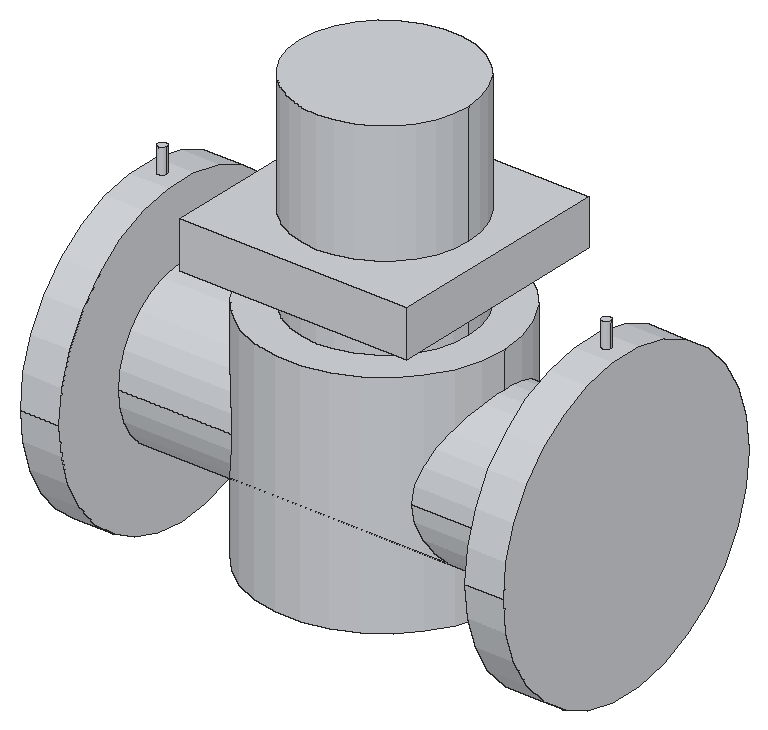
Revit family "PV_Compact_PN25_DN200_(90-350kPa)_RFA_2019", category Pipe Accessories, Revit 2019
Family settings
  Round Connector Dimension = Use Diameter
  Part Type = Valve - Breaks Into
  Work Plane-Based = No
  Always vertical = Yes
  Cut with Voids When Loaded = No
  Shared = No
Parameters (values of type "PV Compact PN25 DN200 (90-350kPa)")
  magiProductId = "91c75d4260f940c99372a7e9d4703c"
  magiProductFamilyId = "9e0837c0ac1a48c1a74a343bd519c1"
  magiPartTypeId = 304
  isMeasuringValve [instance] = no
  ang2D [instance] = 0.00°
  W2D = 125 mm
  VersionID = "2.0/2018.12.13.2/FRESE_PV_COMPACT_BIG_Q13_001"
  Use Minimum Symbol Size [instance] = no
  URL = "www.hydronix.cz"
  Type Comments = "PŘÍRUBOVÝ; PN25; dpmax=1000kPa; -10~+110°C"
  R4 = 105 mm
  R3 = 98.8 mm
  R1 = 150 mm
  QmdConnectorList = "301;D;302;D"
  Productdata [instance] = ""
  Manufacturer = "Hydronix"
  Maintenance Zone Under Depth [instance] = 100 mm
  Maintenance Zone Right Depth [instance] = 100 mm
  Maintenance Zone Over Depth [instance] = 100 mm
  Maintenance Zone Left Depth [instance] = 100 mm
  Maintenance Zone Front Depth [instance] = 100 mm
  Maintenance Zone Back Depth [instance] = 100 mm
  Maintenance Zone Front Visibility [instance] = no
  MC Use Limits From Balancing Method = no
  MC Throttling Minimum Value = 0
  MC Throttling Maximum Value = 0
  MC Product Code = "53-3339 DN200 PN25; nastavitelný rozsah dp=20~100kPa; Q=65,2~261 m3/h;  kvs=275"
  MC Pressure Drop Minimum Value = 0.0 Pa
  MC Pressure Drop Maximum Value = 0.0 Pa
  MC Piping Given Pressure Drop [instance] = 0.0 Pa
  LF__ve = -LF  # -48 mm
  LF2 = 24 mm
  LF = 48 mm
  L4 = 282 mm
  L3 = 504 mm
  L2D_Min = 30.48 mm
  L2D = 400 mm
  L2 = 300 mm
  H6 = 150 mm
  H4 = 57 mm
  H3 = 47.5 mm
  H2 = 142.5 mm
  H1 = 285 mm
  Description = "Nastavitelný regulátor diferenčního tlaku"
  DF2 = 190 mm
  D = 200 mm
  Clearance Zone Height Depth [instance] = 100 mm
  Clearance Zone Circular Radius [instance] = 300 mm
  Clearance Zone Visibility [instance] = no
  CAT0 = yes
Types (3, lengths in mm): name | magiProductId | Type Comments | R4 | R3 | R1 | MC Product Code | LF__ve | LF2 | LF | L4 | L3 | L2 | H6 | H4 | H3 | H2 | H1 | DF2 | D | Clearance Zone Circular Radius
  PV Compact PN25 DN125 (90-350kPa) | "828af78972b74e11b5ab1c4abc9b81" | "PŘÍRUBOVÝ; PN25; dpmax=1000kPa; -10~+120°C" | 70 | 70.2 | 100 | "53-3333 DN125 PN25; nastavitelný rozsah dp=20~100kPa; Q=40,3~161 m3/h;  kvs=170" | -32 | 16 | 32 | 188 | 336 | 200 | 225.5 | 40.5 | 33.75 | 101.25 | 202.5 | 135 | 125 | 200
  PV Compact PN25 DN150 (90-350kPa) | "3c848b5675884766961bbc36692fc4" | "PŘÍRUBOVÝ; PN25; dpmax=1000kPa; -10~+110°C" | 84 | 74.1 | 120 | "53-3336 DN150 PN25; nastavitelný rozsah dp=20~100kPa; Q=59,3~123 m3/h;  kvs=250" | -38.4 | 19.2 | 38.4 | 225.6 | 403.2 | 240 | 256.25 | 42.75 | 35.625 | 106.875 | 213.75 | 142.5 | 150 | 240
  PV Compact PN25 DN200 (90-350kPa) | "91c75d4260f940c99372a7e9d4703c" | "PŘÍRUBOVÝ; PN25; dpmax=1000kPa; -10~+110°C" | 105 | 98.8 | 150 | "53-3339 DN200 PN25; nastavitelný rozsah dp=20~100kPa; Q=65,2~261 m3/h;  kvs=275" | -48 | 24 | 48 | 282 | 504 | 300 | 150 | 57 | 47.5 | 142.5 | 285 | 190 | 200 | 300
Reference planes
  plane 1 "Center (Front/Back)": y = 0
  plane 2 "XYPLANE": z = 0
  plane 3 "Center (Left/Right)": x = 0
  plane 4 "257": y = -190
  plane 5 "256": y = 190
  plane 6 "255": z = -190
  plane 7 "254": y = -290
  plane 8 "253": y = 290
  plane 9 "252": x = -400
  plane 10 "251": x = 400
  plane 11 "250": z = 497
  plane 12 "249": z = -290
  plane 13 "248": z = 497
  plane 14 "247": z = 397
  plane 15 "157": x = 276
  plane 16 "156": x = -276
  plane 17 "155": z = 190
  plane 18 "154": z = 247
  plane 19 "153": z = 190
  plane 20 "152": z = 142.5
  plane 21 "151": x = -252
  plane 22 "150": z = -142.5
  plane 23 "149": x = 0
  plane 24 "148": y = 0
  plane 25 "147": z = 0
  plane 26 "146": x = -300
  plane 27 "145": x = 300
Forms (mm)
  Blend 1, solid, visible <- "Maintenance Zone Front Visibility"
    base sketch origin (-750, 0, -290) x (1, 0, 0) y (0, 1, 0)
      loop
        line (350, 290) -> (350, -290) -> (1150, -290) -> (1150, 290) -> (350, 290)
    top sketch origin (-750, 0, -290) x (1, 0, 0) y (0, 1, 0)
      loop
        line (350, 290) -> (350, -290) -> (1150, -290) -> (1150, 290) -> (350, 290)
    from 0 to 787
  Blend 2, solid, visible <- "Clearance Zone Visibility"
    base sketch origin (-750, 0, 0) x (1, 0, 0) y (0, 1, 0)
      loop
        circle (750, 0) r 300
    top sketch origin (-750, 0, 0) x (1, 0, 0) y (0, 1, 0)
      loop
        circle (750, 0) r 300
    from 0 to 497
  Extrusion 3, solid, visible <- "CAT0"
    sketch origin (-750, 0, 190) x (1, 0, 0) y (0, 1, 0)
      loop
        circle (1026, 0) r 5.5
    from 0 to 30
  Extrusion 4, solid, visible <- "CAT0"
    sketch origin (-750, 0, 190) x (1, 0, 0) y (0, 1, 0)
      loop
        circle (474, 0) r 5.5
    from 0 to 30
  Extrusion 5, solid
    sketch origin (-750, 0, 247) x (1, 0, 0) y (0, 1, 0)
      loop
        circle (750, 0) r 105
    from 0 to 150 <- "H6"
  Extrusion 6, solid, visible <- "CAT0"
    sketch origin (-750, 0, 190) x (1, 0, 0) y (0, 1, 0)
      loop
        line (891, 141) -> (609, 141) -> (609, -141) -> (891, -141) -> (891, 141)
    from 0 to 57 <- "H4"
  Extrusion 7, solid, visible <- "CAT0"
    sketch origin (-750, 0, 142.5) x (1, 0, 0) y (0, 1, 0)
      loop
        circle (750, 0) r 105
    from 0 to 47.5 <- "H3"
  Extrusion 8, solid, visible <- "CAT0"
    sketch origin (-252, -750, 0) x (0, 1, 0) y (0, 0, 1)
      loop
        circle (750, 0) r 98.8
    from 0 to 504 <- "L3"
  Extrusion 9, solid, visible <- "CAT0"
    sketch origin (-750, 0, -142.5) x (1, 0, 0) y (0, 1, 0)
      loop
        circle (750, 0) r 150
    from 0 to 285 <- "H1"
  Extrusion 10, solid, visible <- "CAT0"
    sketch origin (-300, -750, 0) x (0, 1, 0) y (0, 0, 1)
      loop
        circle (750, 0) r 190
    from 0 to 48 <- "LF"
  Extrusion 11, solid, visible <- "CAT0"
    sketch origin (300, -750, 0) x (0, 1, 0) y (0, 0, 1)
      loop
        circle (750, 0) r 190
    from 0 to -48 <- "LF__ve"
  Extrusion 12, solid, not visible
    sketch origin (-300, -750, 0) x (0, 1, 0) y (0, 0, 1)
      loop
        circle (750, 0) r 10
    from 0 to 10
  Extrusion 13, solid, not visible
    sketch origin (300, -750, 0) x (0, 1, 0) y (0, 0, 1)
      loop
        circle (750, 0) r 10
    from 0 to -10
Lines and regions (mm)
  reference lines, not visible
    curve 1: circle (2, 2, 0) r 1 normal (0, 0, 1)
  reference lines
    curve 2: circle (0, 0, 190) r 1 normal (0, 0, 1)
Dimensions and locks
  plane 1 "Center (Front/Back)" to curve 1 = 2 mm
  "DF2": plane 24 "148" to plane 4 "257"
  "DF2": plane 24 "148" to plane 5 "256"
  "DF2": plane 25 "147" to plane 6 "255"
  "Maintenance Zone Front Depth": plane 4 "257" to plane 7 "254"
  "Maintenance Zone Back Depth": plane 5 "256" to plane 8 "253"
  "Maintenance Zone Left Depth": plane 26 "146" to plane 9 "252"
  "Maintenance Zone Right Depth": plane 27 "145" to plane 10 "251"
  "Maintenance Zone Over Depth": plane 14 "247" to plane 11 "250"
  "Maintenance Zone Under Depth": plane 6 "255" to plane 12 "249"
  "Clearance Zone Height Depth": plane 14 "247" to plane 13 "248"
  "H6": plane 18 "154" to plane 14 "247"
  "LF2": plane 27 "145" to plane 15 "157"
  "LF2": plane 26 "146" to plane 16 "156"
  "DF2": plane 2 "XYPLANE" to plane 17 "155"
  "H4": plane 19 "153" to plane 18 "154"
  "H3": plane 20 "152" to plane 19 "153"
  "H1": plane 22 "150" to plane 20 "152"
  "LF": plane 26 "146" to plane 21 "151"
  "H2": plane 2 "XYPLANE" to plane 22 "150"
  locked: plane 3 "Center (Left/Right)" to plane 23 "149"
  locked: plane 1 "Center (Front/Back)" to plane 24 "148"
  locked: plane 2 "XYPLANE" to plane 25 "147"
  "L2": plane 3 "Center (Left/Right)" to plane 26 "146"
  "L2": plane 3 "Center (Left/Right)" to plane 27 "145"
  Blend 1 sketch curve to Blend 1 sketch curve = 0 mm  (x16)
  equal spacing: Extrusion 6 sketch curve, curve 2, Extrusion 6 sketch curve  (x2)
  "L4": Extrusion 6 sketch curve to Extrusion 6 sketch curve  (x2)
  Extrusion 6 sketch curve to Extrusion 6 sketch curve = 0 mm  (x8)
  "Clearance Zone Circular Radius": radius of Blend 2 sketch curve  (x2)
  "R4": radius of Extrusion 5 sketch curve
  "R4": radius of Extrusion 7 sketch curve
  "R3": radius of Extrusion 8 sketch curve
  "R1": radius of Extrusion 9 sketch curve
  "DF2": radius of Extrusion 10 sketch curve
  "DF2": radius of Extrusion 11 sketch curve
  aligned and locked: level to plane 2 "XYPLANE"
  aligned and locked: Blend 1 sketch curve to plane 8 "253"  (x2)
  aligned and locked: plane 9 "252" to Blend 1 sketch curve  (x4)
  aligned and locked: plane 10 "251" to Blend 1 sketch curve  (x4)
  aligned and locked: plane 8 "253" to Blend 1 sketch curve  (x2)
  aligned and locked: plane 7 "254" to Blend 1 sketch curve  (x4)
  aligned and locked: plane 11 "250" to Blend 1
  aligned and locked: plane 23 "149" to Blend 2 sketch curve  (x2)
  aligned and locked: plane 24 "148" to Blend 2 sketch curve  (x2)
  aligned and locked: plane 13 "248" to Blend 2
  aligned and locked: plane 15 "157" to Extrusion 3 sketch curve
  aligned and locked: plane 24 "148" to Extrusion 3 sketch curve
  aligned and locked: plane 16 "156" to Extrusion 4 sketch curve
  aligned and locked: plane 24 "148" to Extrusion 4 sketch curve
  aligned and locked: plane 23 "149" to Extrusion 5 sketch curve
  aligned and locked: plane 24 "148" to Extrusion 5 sketch curve
  aligned and locked: plane 23 "149" to curve 2
  aligned and locked: plane 24 "148" to curve 2
  aligned and locked: plane 23 "149" to Extrusion 7 sketch curve
  aligned and locked: plane 24 "148" to Extrusion 7 sketch curve
  aligned and locked: Extrusion 8 sketch curve to plane 24 "148"
  aligned and locked: plane 25 "147" to Extrusion 8 sketch curve
  aligned and locked: plane 23 "149" to Extrusion 9 sketch curve
  aligned and locked: plane 24 "148" to Extrusion 9 sketch curve
  aligned and locked: Extrusion 10 sketch curve to plane 24 "148"
  aligned and locked: plane 25 "147" to Extrusion 10 sketch curve
  aligned and locked: Extrusion 11 sketch curve to plane 24 "148"
  aligned and locked: plane 25 "147" to Extrusion 11 sketch curve
  aligned and locked: Extrusion 12 sketch curve to plane 24 "148"
  aligned and locked: plane 25 "147" to Extrusion 12 sketch curve
  aligned and locked: Extrusion 13 sketch curve to plane 24 "148"
  aligned and locked: plane 25 "147" to Extrusion 13 sketch curve
Automatic sketch dimensions
  Extrusion 3 sketch curve to Extrusion 3 sketch curve = 5.5 mm
  Extrusion 4 sketch curve to Extrusion 4 sketch curve = 5.5 mm
  plane 1 "Center (Front/Back)" to Extrusion 12 sketch curve = 10 mm
  plane 1 "Center (Front/Back)" to Extrusion 13 sketch curve = 10 mm
  plane 3 "Center (Left/Right)" to curve 1 = 2 mm
  plane 21 "151" to Extrusion 6 sketch curve = 111 mm
  plane 4 "257" to Extrusion 6 sketch curve = 49 mm
  radius of curve 2 = 1 mm
  radius of curve 1 = 1 mm
Connectors
  piping at (-300, 0, 0), diameter 200, driven by "D"
    settings: on Extrusion 12, index 1, connector inside diameter 609.6 mm, connector length 0 mm, flow factor 0, pipe flow 0.0 L/s, pressure drop 0.0 Pa, fitting loss kfactor 0, connector angle 0.00°, fixture units 0, engagement length 0 mm, angle of deflection 0.00°, flow configuration 0, flow direction 0, fitting loss method 0, system type 29, joint type 0, gender type 0, connector reference index 2, connector utility 0, adjustable connector no, is connector primary yes, connector description ""
  piping at (300, 0, 0), diameter 200, driven by "D"
    settings: on Extrusion 13, index 2, connector inside diameter 609.6 mm, connector length 0 mm, flow factor 0, pipe flow 0.0 L/s, pressure drop 0.0 Pa, fitting loss kfactor 0, connector angle 0.00°, fixture units 0, engagement length 0 mm, angle of deflection 0.00°, flow configuration 0, flow direction 0, fitting loss method 0, system type 29, joint type 0, gender type 0, connector reference index 1, connector utility 0, adjustable connector no, is connector primary no, connector description ""
